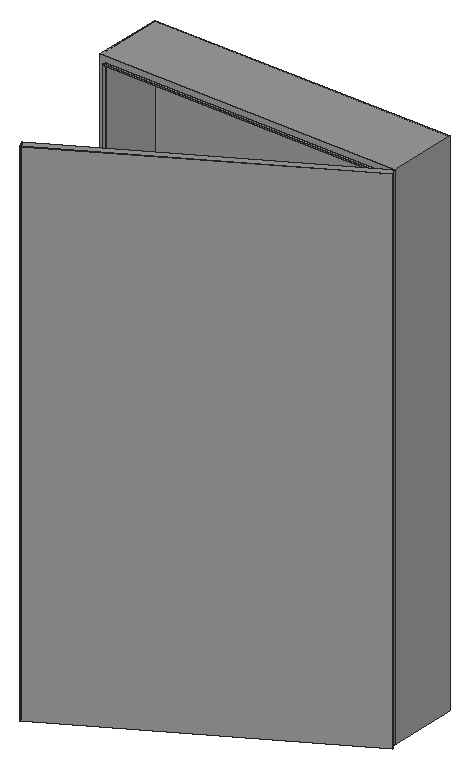
Revit family "Hager-Univers-IP54-D205-H1400-Cl.I-Encl-NoHosted-CH-it", category Electrical Equipment, Revit 2020
Family settings
  Panel Configuration = Two Columns, Circuits Across
  Round Connector Dimension = Use Diameter
  Part Type = Panelboard
  Work Plane-Based = Yes
  Always vertical = Yes
  Cut with Voids When Loaded = No
  Shared = No
  Room Calculation Point = No
Parameters (values of type "A parete IP54 L800 A1400 P205  - FP93TW2")
  Width Control [instance] = if([EF000008 - Larghezza] > Min Width, [EF000008 - Larghezza], Min Width)  # 800 mm
  Type Comments = [HG000003 - Gamma]  # "Univers"
  Thickness Door [instance] = if([EF009171 - spessore materiale porta/coperchio] > 3 mm, 3 mm, [EF009171 - spessore materiale porta/coperchio])  # 1 mm
  Seal Frame Offset [instance] = 17 mm  # constant formula
  Plinth Visibility [instance] = [HG000027 - Altezza dello zoccolo] > 0 mm  # no
  Min Width [instance] = 100 mm  # constant formula
  Min Depth [instance] = (2 * [EF009170 - spessore materiale scatola]) + 1 mm  # 3 mm
  Min Height [instance] = 100 mm  # constant formula
  Internal Frame Depth [instance] = (Door System Depth * 0.5)  # 9 mm
  Panel Name [instance] = ""  # (empty or 0)
  Model = ""
  HG000027 - Altezza dello zoccolo = 0 mm
  HG000026 - A pavimento = no
  HG000024 - Altezza della sezione inferiore = 600 mm
  HG000023 - Custodia a doppia sezione = no
  HG000016 - Visibilità delle porte nella vista 3D [instance] = yes
  HG000015 - Visibilità attraverso la porta [instance] = no
  HG000014 - Porta destra [instance] = yes
  HG000013 - Porta sinistra [instance] = not([HG000014 - Porta destra])  # no
  HG000012 - Angolo di apertura della porta [instance] = 30.00°
  HG000010 - Porte asimmetriche = no
  HG000009 - Porta doppia a battente = no
  HG000006 - Ad incasso = no
  HG000004 - Codice produttore = "FP93TW2"
  HG000003 - Gamma = "Univers"
  HG000002 - Con porta = yes
  Frame Offset Bottom [instance] = 10 mm  # constant formula
  Frame Offset [instance] = 15 mm  # constant formula
  EF015940 - Coprire con rilascio di sovrapressione = no
  EF011959 - tipo di protezione (NEMA) = ""
  EF009554 - numero delle aperture per la piastra della flangia = 6
  EF009212 - esecuzione coperchio = "EV000116 - chiuso"
  EF009171 - spessore materiale porta/coperchio = 1 mm
  EF009170 - spessore materiale scatola = 1 mm
  EF008873 - corrente nominale (In) = 250 A
  EF007800 - adatto per parafulmine = no
  EF006306 - con serratura = no
  EF006244 - coperchio/porta trasparente = no
  EF005474 - grado di protezione (IP) = "EV006419 - IP54"
  EF004464 - tipo di porta = "EV002646 - singolo"
  EF004427 - numero di moduli = 324
  EF004293 - resistenza agli urti = "EV006815 - IK09"
  EF003532 - adatto per uso esterno = no
  EF002950 - Numero moduli DIN = 36
  EF001613 - Integrità del circuito = "EV000494 - senza"
  EF001596 - Attacco Lampada = "EV000179 - acciaio"
  EF001131 - profondità interna = 130 mm
  EF001088 - possibilità di applicazione = yes
  EF000437 - numero di ingressi per conduttori = 6
  EF000339 - tipo di copertura = "EV001012 - coperchio"
  EF000266 - numero di file = 9
  EF000218 - profondità di incasso = 205 mm
  EF000118 - con piastra di montaggio = no
  EF000116 - numero RAL = "9010"
  EF000049 - profondità = 205 mm
  EF000040 - Altezza = 1400 mm
  EF000008 - Larghezza = 800 mm
  EF000007 - colore = "EV000202 - bianco"
  EF000003 - Tipo di montaggio = "EV000384 - A parete"
  Door System Leaf Tolerance [instance] = 1.5 mm  # constant formula
  Door System Depth [instance] = 18 mm  # constant formula
  Door Height [instance] = Height Control - [HG000027 - Altezza dello zoccolo]  # 1400 mm
  Description = ""
  Default Elevation = 1219.2 mm
  Connector Offset [instance] = Height Control / 2  # 700 mm
  Manufacturer = "Hager"  # constant formula
  Height Control [instance] = if([EF000040 - Altezza] > Min Height, [EF000040 - Altezza], Min Height)  # 1400 mm
  Depth Control [instance] = if([EF000049 - profondità] > Min Depth, [EF000049 - profondità], Min Depth)  # 205 mm
  Bottom Top Plate Trim [instance] = 1.5 mm  # constant formula
  Plinth height Ctrl [instance] = if([HG000027 - Altezza dello zoccolo] > 0 mm, [HG000027 - Altezza dello zoccolo], 12 mm)  # 12 mm
Types (5, lengths in mm): name | Width Control | HG000009 - Porta doppia a battente | HG000004 - Codice produttore | EF009554 - numero delle aperture per la piastra della flangia | EF004464 - tipo di porta | EF004427 - numero di moduli | EF002950 - Numero moduli DIN | EF000437 - numero di ingressi per conduttori | EF000008 - Larghezza
  A parete IP54 L1050 A1400 P205  - FP94TW2 | 1050 | no | "FP94TW2" | 8 | "EV003602 - doppio" | 432 | 48 | 8 | 1050
  A parete IP54 L1300 A1400 P205  - FP95TW2 | 1300 | yes | "FP95TW2" | 10 | "EV003602 - doppio" | 540 | 60 | 10 | 1300
  A parete IP54 L300 A1400 P205  - FP91TW2 | 300 | no | "FP91TW2" | 2 | "EV002646 - singolo" | 108 | 12 | 2 | 300
  A parete IP54 L550 A1400 P205  - FP92TW2 | 550 | no | "FP92TW2" | 4 | "EV002646 - singolo" | 216 | 24 | 4 | 550
  A parete IP54 L800 A1400 P205  - FP93TW2 | 800 | no | "FP93TW2" | 6 | "EV002646 - singolo" | 324 | 36 | 6 | 800
Reference planes
  plane 1 "Center (Front/Back)": y = 0
  plane 2: z = 0
  plane 3 "Center (Left/Right)": x = 0
  plane 4: y = 0
  plane 5: y = 0
  plane 6: z = 0
  plane 7: x = -400
  plane 8: x = 400
  plane 9: x = 399
  plane 10: x = -399
  plane 11: z = 0
  plane 12: z = 1
  plane 13: y = -205
  plane 14: y = -1
  plane 15: x = 0
  plane 16: y = -187
  plane 17: y = -204
  plane 18: y = -186
  plane 19: x = -384
  plane 20: x = 384
  plane 21: z = 11
  plane 22: x = -383
  plane 23: x = 383
  plane 24: z = 0
  plane 25: z = 1400
  plane 26: z = 1400
  plane 27: z = 1384
  plane 28: z = 1399
Forms (mm)
  Extrusion 1, solid, material "Hager_Steel_RAL7035_Light_Grey", detail levels medium+fine
    sketch origin (-208.679, -4572, 0) x (-1, 0, 0) y (0, -1, 0)
      loop
        line (191.321, -4385) -> (-608.679, -4385) -> (-608.679, -4572) -> (191.321, -4572) -> (191.321, -4385)
    from 0 to 1400
  Extrusion 2, void
    sketch origin (-350.771, -205, 1219.2) x (1, 0, 0) y (0, 0, 1)
      loop
        line (-48.229, 179.8) -> (-48.229, -1218.2) -> (749.771, -1218.2) -> (749.771, 179.8) -> (-48.229, 179.8)
    from -19 to -204
  Extrusion 3, void
    sketch origin (-290.084, -187, 1219.2) x (1, 0, 0) y (0, 0, 1)
      loop
        line (-93.916, -1208.2) -> (674.084, -1208.2) -> (674.084, 164.8) -> (-93.916, 164.8) -> (-93.916, -1208.2)
    from 0 to -1
  Extrusion 4, solid, material "Hager_Steel_RAL7035_Light_Grey", visible <- "Plinth Visibility", detail levels medium+fine
    sketch origin (0, 0, 0) x (1, 0, 0) y (0, 1, 0)
      loop
        line (-400, 0) -> (-400, -187) -> (400, -187) -> (400, 0) -> (-400, 0)
    from 0 to 12 <- "Plinth height Ctrl"
  Extrusion 5, solid, material "Hager_Steel_RAL7035_Light_Grey", detail levels coarse
    sketch origin (0, 0, 0) x (1, 0, 0) y (0, 1, 0)
      loop
        line (-400, 0) -> (-400, -205) -> (400, -205) -> (400, 0) -> (-400, 0)
    from 0 to 1400 <- "Height Control"
  Sweep 6, void
    path in 3D
      loop
        line (-400, -187, 12) -> (400, -187, 12) -> (400, 0, 12) -> (-400, 0, 12) -> (-400, -187, 12)
    profile origin (-400, -93.5, 12) x (1, 0, 0) y (0, 0, 1)
      loop
        line (0, 0) -> (0, -1.5) -> (1.5, -1.5)
        arc (1.5, -1.5) -> (1.061, -0.439) -> (0, 0) r 1.5
  Extrusion 7, solid, material "Hager_Steel_RAL7035_Light_Grey", detail levels fine
    sketch origin (-400, -187, 0) x (1, 0, 0) y (0, 0, 1)
      loop
        line (16, 11) -> (784, 11) -> (784, 1384) -> (16, 1384) -> (16, 11)
      loop
        line (15, 10) -> (785, 10) -> (785, 1385) -> (15, 1385) -> (15, 10)
    from 0 to 9 <- "Internal Frame Depth"
Cuts and joins
  Extrusion 2, Extrusion 3 cuts Extrusion 1
  Sweep 6 cuts Extrusion 4
Lines and regions (mm)
  Masking region 1
    outline origin (0, 0, 0) x (1, 0, 0) y (0, 1, 0)
      loop
        line (-400, 0) -> (-400, -205) -> (400, -205) -> (400, 0) -> (-400, 0)
  Masking region 2, detail levels coarse
    outline origin (-290.084, -187, 1219.2) x (-1, 0, 0) y (0, 0, 1)
      loop
        line (-690.084, -1219.2) -> (109.916, -1219.2) -> (109.916, 180.8) -> (-690.084, 180.8) -> (-690.084, -1219.2)
  Masking region 3, detail levels coarse
    outline origin (0, 0, 0) x (0, 1, 0) y (0, 0, 1)
      loop
        line (0, 0) -> (0, 1400) -> (-205, 1400) -> (-205, 0) -> (0, 0)
  Masking region 4, visible <- "Plinth Visibility", detail levels medium+fine
    outline origin (0, 0, 0) x (0, 1, 0) y (0, 0, 1)
      loop
        line (-1.5, 12) -> (-185.5, 12)
        arc (-185.5, 12) -> (-185.939, 10.939) -> (-187, 10.5) r 1.5
        line (-187, 10.5) -> (-187, 0) -> (0, 0) -> (0, 10.5)
        arc (0, 10.5) -> (-1.061, 10.939) -> (-1.5, 12) r 1.5
  Masking region 5, detail levels medium+fine
    outline origin (0, 0, 594.038) x (0, 1, 0) y (0, 0, 1)
      loop
        line (0, -594.038) -> (0, 805.962) -> (-187, 805.962) -> (-187, -594.038) -> (0, -594.038)
  Masking region 6, detail levels medium+fine
    outline origin (-359.7, -187, 1211.883) x (-1, 0, 0) y (0, 0, 1)
      loop
        line (-759.7, -1211.883) -> (40.3, -1211.883) -> (40.3, 188.117) -> (-759.7, 188.117) -> (-759.7, -1211.883)
  Masking region 7, visible <- "Plinth Visibility", detail levels medium+fine
    outline origin (-320.334, -187, 1041.368) x (-1, 0, 0) y (0, 0, 1)
      loop
        line (-720.334, -1041.368) -> (79.666, -1041.368) -> (79.666, -1030.868)
        arc (79.666, -1030.868) -> (78.606, -1030.429) -> (78.166, -1029.368) r 1.5
        line (78.166, -1029.368) -> (-718.834, -1029.368)
        arc (-718.834, -1029.368) -> (-719.273, -1030.429) -> (-720.334, -1030.868) r 1.5
        line (-720.334, -1030.868) -> (-720.334, -1041.368)
  sketch lines
    curve 1: line (-400, 0, 12) -> (-400, -187, 12)
    curve 2: line (-400, -187, 12) -> (400, -187, 12)
    curve 3: line (400, 0, 12) -> (-400, 0, 12)
    curve 4: line (400, -187, 12) -> (400, 0, 12)
Dimensions and locks
  locked: plane 1 "Center (Front/Back)" to plane 5
  "EF009170 - spessore materiale scatola": plane 7 to plane 10
  "EF009170 - spessore materiale scatola": plane 8 to plane 9
  equal spacing: plane 7, plane 3 "Center (Left/Right)", plane 8
  "Width Control": plane 7 to plane 8
  "Depth Control": plane 4 to plane 13
  "EF009170 - spessore materiale scatola": plane 4 to plane 14
  "Height Control": plane 25 to level
  "HG000027 - Altezza dello zoccolo": plane 11 to level
  "EF009170 - spessore materiale scatola": plane 12 to plane 11
  "EF009170 - spessore materiale scatola": plane 17 to plane 13
  "EF009170 - spessore materiale scatola": plane 18 to plane 16
  "Frame Offset Bottom": plane 21 to plane 12
  "Frame Offset": plane 10 to plane 19
  "Frame Offset": plane 9 to plane 20
  "Door System Depth": plane 16 to plane 13
  "Seal Frame Offset": plane 7 to plane 22
  "Seal Frame Offset": plane 8 to plane 23
  "EF009170 - spessore materiale scatola": plane 26 to plane 28
  "Frame Offset": plane 28 to plane 27
  "Connector Offset": plane 2 to connector elem
  "Bottom Top Plate Trim": profile plane to Sweep 6 sketch curve
  "Bottom Top Plate Trim": Sweep 6 sketch curve to Sweep 6 sketch curve
  "Plinth height Ctrl": Masking region 4 sketch curve to level
  "Plinth height Ctrl": Masking region 7 sketch curve to level
  "Thickness Door": Extrusion 7 sketch curve to Extrusion 7 sketch curve  (x4)
  "Bottom Top Plate Trim": radius of Sweep 6 sketch curve
  "Bottom Top Plate Trim": radius of Masking region 4 sketch curve  (x2)
  "Bottom Top Plate Trim": radius of Masking region 7 sketch curve  (x2)
  aligned and locked: Extrusion 2 sketch curve to plane 12
  aligned and locked: Extrusion 2 sketch curve to plane 9
  aligned and locked: Extrusion 2 sketch curve to plane 10
  aligned and locked: Extrusion 2 to plane 14
  aligned and locked: Extrusion 1 sketch curve to plane 4
  aligned and locked: plane 8 to Extrusion 1 sketch curve
  aligned and locked: plane 7 to Extrusion 1 sketch curve
  aligned and locked: Extrusion 2 to plane 18
  aligned and locked: Extrusion 3 sketch curve to plane 19
  aligned and locked: plane 20 to Extrusion 3 sketch curve
  aligned and locked: Extrusion 3 to Extrusion 2
  aligned and locked: Extrusion 3 sketch curve to plane 21
  aligned and locked: plane 3 "Center (Left/Right)" to nested 1
  aligned and locked: Extrusion 1 sketch curve to plane 16
  aligned and locked: Extrusion 4 sketch curve to cut or joined group of Extrusion 1, Extrusion 2, Extrusion 3
  aligned and locked: Masking region 1 sketch curve to plane 7
  aligned and locked: Masking region 1 sketch curve to plane 5
  aligned and locked: Masking region 1 sketch curve to plane 8
  aligned and locked: Masking region 2 sketch curve to level
  aligned and locked: level to Masking region 3 sketch curve
  aligned and locked: plane 1 "Center (Front/Back)" to Masking region 3 sketch curve
  aligned and locked: plane 13 to Masking region 3 sketch curve
  aligned and locked: plane 5 to Masking region 4 sketch curve
  aligned and locked: Masking region 2 sketch curve to plane 8
  aligned and locked: Masking region 2 sketch curve to plane 7
  aligned and locked: plane 7 to nested 2
  aligned and locked: nested 2 to plane 5
  aligned and locked: plane 5 to Masking region 5 sketch curve
  aligned and locked: plane 26 to Masking region 5 sketch curve
  aligned and locked: Extrusion 5 sketch curve to plane 8
  aligned and locked: Extrusion 5 sketch curve to plane 7
  aligned and locked: Extrusion 5 sketch curve to plane 5
  aligned and locked: Extrusion 3 sketch curve to plane 27
  aligned and locked: Extrusion 2 sketch curve to plane 28
  aligned and locked: Masking region 2 to plane 25
  aligned and locked: Extrusion 4 to plane 16
  aligned and locked: profile plane to Sweep 6 sketch curve
  aligned and locked: Masking region 5 sketch curve to plane 24
  aligned and locked: level to Masking region 4 sketch curve
  aligned and locked: Masking region 1 to plane 13
  aligned and locked: nested 1 to plane 16
  aligned and locked: Masking region 3 to plane 25
  aligned and locked: plane 16 to Masking region 4 sketch curve
  aligned and locked: Masking region 5 sketch curve to plane 16
  aligned and locked: plane 24 to plane 11
  aligned and locked: plane 26 to plane 25
  aligned and locked: plane 26 to cut or joined group of Extrusion 1, Extrusion 2, Extrusion 3
  aligned and locked: nested 1 to plane 24
  aligned and locked: Extrusion 1 to Extrusion 3
  aligned and locked: Masking region 6 sketch curve to plane 8
  aligned and locked: Masking region 6 sketch curve to plane 24
  aligned and locked: Masking region 6 sketch curve to plane 7
  aligned and locked: Masking region 6 sketch curve to plane 26
  aligned and locked: Masking region 7 sketch curve to plane 7
  aligned and locked: level to Masking region 7 sketch curve
  aligned and locked: Masking region 7 sketch curve to plane 8
  aligned and locked: Extrusion 7 sketch curve to cut or joined group of Extrusion 1, Extrusion 2, Extrusion 3  (x4)
Automatic sketch dimensions
  plane 19 to Extrusion 3 sketch curve = 0 mm
  Extrusion 3 sketch curve to plane 20 = 0 mm
  Extrusion 3 sketch curve to plane 21 = 0 mm
  Extrusion 4 sketch curve to plane 7 = 0 mm
  Extrusion 4 sketch curve to plane 8 = 0 mm
  Extrusion 4 sketch curve to plane 16 = 0 mm
  Masking region 1 sketch curve to plane 13 = 0 mm
  Masking region 2 sketch curve to plane 25 = 0 mm
  Masking region 3 sketch curve to plane 25 = 0 mm
  Extrusion 5 sketch curve to plane 13 = 0 mm
  profile plane to Sweep 6 sketch curve = 0 mm
Nested families
  nested 1: "EC000058_Univers_Door" at (0, -187, 0), Double <- "HG000009 - Porta doppia a battente", Transparent <- "EF006244 - coperchio/porta trasparente", Angle <- "HG000012 - Angolo di apertura della porta", Door_Right <- "HG000014 - Porta destra", Assymetrical <- "HG000010 - Porte asimmetriche", Door <- "HG000002 - Con porta", Width_Ctrl <- "Width Control", 3d_Door <- "HG000016 - Visibilità delle porte nella vista 3D", Clearance <- "HG000015 - Visibilità attraverso la porta", Door_Left <- "HG000013 - Porta sinistra", Width <- "Width Control", Door_Depth <- "Door System Depth", Leaf_Tolerance <- "Door System Leaf Tolerance", Height <- "Door Height", Lock_Visibility <- "EF006306 - con serratura", Thickness <- "Thickness Door", type "EC000058_Univers_Door", detail levels medium+fine
    with min_wh 3 mm, Width_Ctrl 800 mm, Width 800 mm, Transparent no, Thickness 1 mm, Seal_Material Hager_Rubber, Lock_Visibility no, Lock_Material Hager_Plastic_RAL9005_Jet_Black, Leaf_Width 800 mm, Leaf_Tolerance_External_Sides 0 mm, Leaf_Tolerance 1.5 mm, Leaf_Offset 0 mm, Leaf_Height 1397 mm, Leaf_2_Width 800 mm, Leaf_2_Offset 400 mm, Leaf_1_Width 800 mm, Leaf_1_Offset 400 mm, Height_Ctrl 1400 mm, Height 1400 mm, Glass_Material Hager_Glass, Double_Clearance_Ctrl no, Double no, Door_Right_Ctrl yes, Door_Right yes, Door_Material Hager_Steel_RAL7035_Light_Grey, Door_Left_Ctrl no, Door_Left no, Door_Depth 18 mm, Door yes, Clearance_Material Hager_Clearance, Clearance_Depth 800 mm, Clearance_Ctrl no, Clearance no, Assymetrical no, Angle 30.00°, 3d_Door yes
  nested 2: "Hager_Enclosure_Symbol" at (-400, 0, 0), Height <- "Depth Control", Width <- "Width Control", type "Hager_Enclosure_Symbol"
    with Width_Ctrl 800 mm, Width 800 mm, Height_Ctrl 205 mm, Height 205 mm, A_Width_Int 13.453 mm, A_Width 161.438 mm, A_Height_Ctrl 179.375 mm, A_Height 179.375 mm
Connectors
  electrical at (0, 0, 700)
    settings: on plane 1 "Center (Front/Back)", index 1, voltage 0 V, apparent load 0 VA, apparent load phase1 0 VA, apparent load phase2 0 VA, apparent load phase3 0 VA, power factor 1, load classification "Other", number of poles 1, system type 30, power factor state 1, is connector primary yes, connector utility no, sub classification motor no, connector description ""
Definition of nested family "EC000058_Univers_Door"
  Parameters (values of type "EC000058_Univers_Door")
    min_wh [instance] = (2 * Thickness) + 1 mm  # 11 mm
    Width_Ctrl [instance] = 400 mm
    Width [instance] = 500 mm
    Transparent [instance] = yes
    Thickness [instance] = 5 mm
    Seal_Material [instance] = none
    Lock_Visibility [instance] = yes
    Lock_Material [instance] = none
    Leaf_Width [instance] = if((Width_Ctrl - 2 * Leaf_Tolerance_External_Sides) > 0 mm, (Width_Ctrl - 2 * Leaf_Tolerance_External_Sides), min_wh)  # 400 mm
    Leaf_Tolerance_External_Sides [instance] = 0 mm  # constant formula
    Leaf_Tolerance [instance] = 1.5 mm
    Leaf_Offset [instance] = 0 mm  # constant formula
    Leaf_Height [instance] = if((Height_Ctrl - 2 * Leaf_Tolerance) > 0 mm, (Height_Ctrl - 2 * Leaf_Tolerance), min_wh)  # 497 mm
    Leaf_2_Width [instance] = if(and(and(Double, Assymetrical), Door_Left), (Leaf_Width / 3) - (Leaf_Tolerance / 2), if(and(and(Double, Assymetrical), Door_Right), (Leaf_Width / 3) * 2 - (Leaf_Tolerance / 2), if(and(Double, not(Assymetrical)), (Leaf_Width / 2) - Leaf_Tolerance, Leaf_Width)))  # 400 mm
    Leaf_2_Offset [instance] = if(and(Double, Assymetrical), Leaf_2_Width / 2, if(and(Double, not(Assymetrical)), Leaf_Width / 4, Leaf_Width / 2))  # 200 mm
    Leaf_1_Width [instance] = if(and(and(Double, Assymetrical), Door_Right), (Leaf_Width / 3) - (Leaf_Tolerance / 2), if(and(and(Double, Assymetrical), Door_Left), (Width / 3) * 2 - (Leaf_Tolerance / 2), if(and(Double, not(Assymetrical)), (Leaf_Width / 2) - Leaf_Tolerance, Leaf_Width)))  # 400 mm
    Leaf_1_Offset [instance] = if(and(Double, Assymetrical), Leaf_1_Width / 2, if(and(Double, not(Assymetrical)), Leaf_Width / 4, Leaf_Width / 2))  # 200 mm
    Height_Ctrl [instance] = if(Height > min_wh, Height, min_wh)  # 500 mm
    Height [instance] = 500 mm
    Glass_Material [instance] = none
    Double_Clearance_Ctrl [instance] = and(Double, Clearance)  # no
    Double [instance] = no
    Door_Right_Ctrl [instance] = and(or(Door_Right, Double), Door)  # yes
    Door_Right [instance] = yes
    Door_Material [instance] = none
    Door_Left_Ctrl [instance] = and(or(Door_Left, Double), Door)  # no
    Door_Left [instance] = no
    Door_Depth [instance] = 30 mm
    Door [instance] = yes
    Default Elevation = 1219.2 mm
    Clearance_Material [instance] = none
    Clearance_Depth [instance] = if(Leaf_1_Width > Leaf_2_Width, Leaf_1_Width, Leaf_2_Width)  # 400 mm
    Clearance_Ctrl [instance] = and(not(Double), Clearance)  # yes
    Clearance [instance] = yes
    Assymetrical [instance] = yes
    Angle [instance] = 30.00°
    3d_Door [instance] = yes
  Reference planes
    plane 1 "Center (Front/Back)": y = 0
    plane 2 "Bottom": z = 0
    plane 3 "Center (Left/Right)": x = 0
    plane 4: z = 500
    plane 5: x = -200
    plane 6: x = 200
    plane 7: z = 500
    plane 8: x = -200
    plane 9: z = 0
    plane 10: x = 200
    plane 11: y = 0
    plane 12: z = 1.5
    plane 13: x = -600
    plane 14: y = -400
    plane 15: x = 600
    plane 16: x = 0
    plane 17: x = 0
    plane 18: x = -200
    plane 19: x = 200
    plane 20: z = 498.5
  Forms (mm)
    Extrusion 1, solid, material <- "Clearance_Material", visible <- "Double_Clearance_Ctrl"
      sketch origin (1200, 0, 0) x (1, 0, 0) y (0, 0, -1)
        loop
          line (-1800, -498.5) -> (-600, -498.5) -> (-600, 0) -> (-1800, 0) -> (-1800, -498.5)
      from 0 to -400
  Dimensions and locks
    equal spacing: plane 5, plane 3 "Center (Left/Right)", plane 6
    "Width_Ctrl": plane 5 to plane 6
    "Leaf_Offset": plane 5 to plane 8
    "Leaf_Offset": plane 6 to plane 10
    "Leaf_Offset": plane 9 to level
    "Leaf_Offset": plane 4 to plane 7
    "Height_Ctrl": plane 4 to level
    "Leaf_Tolerance": plane 12 to plane 9
    locked: plane 11 to plane 1 "Center (Front/Back)"
    "Leaf_1_Offset": plane 18 to plane 16
    "Leaf_2_Offset": plane 17 to plane 19
    "Leaf_1_Width": plane 13 to plane 8
    "Leaf_2_Width": plane 10 to plane 15
    "Clearance_Depth": plane 14 to plane 1 "Center (Front/Back)"
    "Leaf_Tolerance_External_Sides": plane 8 to plane 18
    "Leaf_Tolerance_External_Sides": plane 19 to plane 10
    "Leaf_Tolerance": plane 7 to plane 20
    aligned and locked: level to plane 2 "Bottom"
    aligned and locked: nested 1 to plane 16
    aligned and locked: nested 2 to plane 17
    aligned and locked: Extrusion 1 to plane 13
    aligned and locked: plane 15 to Extrusion 1
    aligned and locked: Extrusion 1 to plane 14
    aligned and locked: plane 12 to nested 1
    aligned and locked: nested 2 to plane 12
    aligned and locked: Extrusion 1 to plane 11
    aligned and locked: plane 20 to Extrusion 1
    aligned and locked: nested 2 to plane 11
    aligned and locked: nested 1 to plane 11
  Automatic sketch dimensions
    Extrusion 1 sketch curve to level = 0 mm
    plane 5 to Extrusion 1 sketch curve = 400 mm
    plane 6 to Extrusion 1 sketch curve = 400 mm
    Extrusion 1 sketch curve to plane 4 = 1.5 mm
  Nested families
    nested 1: "EC000058_Univers_Door_Leaf" at (0, 0, 1.5), Width <- "Leaf_1_Width", visible <- "Door_Left_Ctrl", Leaf_Height <- "Leaf_Height", Angle <- "Angle", 3d_Door <- "3d_Door", Transparent <- "Transparent", Clearance Material <- "Clearance_Material", Clearance <- "Clearance_Ctrl", Door_Material <- "Door_Material", Glass_Material <- "Glass_Material", Door_Depth <- "Door_Depth", Lock_Material <- "Lock_Material", Seal_Material <- "Seal_Material", Lock_Visibility <- "Lock_Visibility", Thickness <- "Thickness", type "EC000058_Univers_Door_Leaf"
      with Width 400 mm, Transparent_Glass_Offset 30 mm, Transparent_Ctrl yes, Transparent yes, Thickness 5 mm, Standard no, Seal_Material none, Seal_D2 8 mm, Seal_D1 1 mm, Offset_Internal_Frame 10 mm, Lock_Width 20 mm, Lock_Visibility_3d yes, Lock_Visibility yes, Lock_Thickness_3 3 mm, Lock_Thickness_2 1 mm, Lock_Thickness_1 3 mm, Lock_Radius_Offset_2 16 mm, Lock_Radius_Offset_1 15 mm, Lock_Radius_2 5 mm, Lock_Radius 6 mm, Lock_Offset 5 mm, Lock_Material none, Lock_Height 80 mm, Lock_Cover_Top_Offset_2d 17 mm, Lock_Cover_Height -65 mm, Leaf_Height 497 mm, Internal_Seal_Thickness 8 mm, Internal_Seal_Depth_2 4.5 mm, Internal_Frame_Depth 25 mm, Glass_Thickness -1 mm, Glass_Offset -2 mm, Glass_Material none, Door_Material none, Door_Depth 30 mm, Clearance Material none, Clearance yes, Angle_Ctrl 30.00°, Angle 30.00°, 3d_Door yes
    nested 2: "EC000058_Univers_Door_Leaf" at (0, 0, 1.5) x (-1, 0, 0) z (0, 0, 1), Width <- "Leaf_2_Width", visible <- "Door_Right_Ctrl", Leaf_Height <- "Leaf_Height", Angle <- "Angle", 3d_Door <- "3d_Door", Transparent <- "Transparent", Clearance Material <- "Clearance_Material", Clearance <- "Clearance_Ctrl", Door_Material <- "Door_Material", Glass_Material <- "Glass_Material", Door_Depth <- "Door_Depth", Lock_Material <- "Lock_Material", Seal_Material <- "Seal_Material", Lock_Visibility <- "Lock_Visibility", Thickness <- "Thickness", type "EC000058_Univers_Door_Leaf"
      with Width 400 mm, Transparent_Glass_Offset 30 mm, Transparent_Ctrl yes, Transparent yes, Thickness 5 mm, Standard no, Seal_Material none, Seal_D2 8 mm, Seal_D1 1 mm, Offset_Internal_Frame 10 mm, Lock_Width 20 mm, Lock_Visibility_3d yes, Lock_Visibility yes, Lock_Thickness_3 3 mm, Lock_Thickness_2 1 mm, Lock_Thickness_1 3 mm, Lock_Radius_Offset_2 16 mm, Lock_Radius_Offset_1 15 mm, Lock_Radius_2 5 mm, Lock_Radius 6 mm, Lock_Offset 5 mm, Lock_Material none, Lock_Height 80 mm, Lock_Cover_Top_Offset_2d 17 mm, Lock_Cover_Height -65 mm, Leaf_Height 497 mm, Internal_Seal_Thickness 8 mm, Internal_Seal_Depth_2 4.5 mm, Internal_Frame_Depth 25 mm, Glass_Thickness -1 mm, Glass_Offset -2 mm, Glass_Material none, Door_Material none, Door_Depth 30 mm, Clearance Material none, Clearance yes, Angle_Ctrl 30.00°, Angle 30.00°, 3d_Door yes
  Definition of nested family "EC000058_Univers_Door_Leaf"
    Parameters (values of type "EC000058_Univers_Door_Leaf")
      Width [instance] = 2000 mm
      Transparent_Glass_Offset [instance] = 30 mm
      Transparent_Ctrl [instance] = and(Transparent, [3d_Door])  # yes
      Transparent [instance] = yes
      Thickness [instance] = 5 mm
      Standard [instance] = and(not(Transparent), [3d_Door])  # no
      Seal_Material [instance] = none
      Seal_D2 [instance] = 8 mm  # constant formula
      Seal_D1 [instance] = 1 mm  # constant formula
      Offset_Internal_Frame [instance] = 10 mm  # constant formula
      Lock_Width [instance] = 20 mm  # constant formula
      Lock_Visibility_3d [instance] = and(Lock_Visibility, [3d_Door])  # yes
      Lock_Visibility [instance] = yes
      Lock_Thickness_3 [instance] = 3 mm  # constant formula
      Lock_Thickness_2 [instance] = 1 mm  # constant formula
      Lock_Thickness_1 [instance] = 3 mm  # constant formula
      Lock_Radius_Offset_2 [instance] = Lock_Radius_Offset_1 + 1 mm  # 16 mm
      Lock_Radius_Offset_1 [instance] = 15 mm  # constant formula
      Lock_Radius_2 [instance] = Lock_Radius - 1 mm  # 5 mm
      Lock_Radius [instance] = 6 mm  # constant formula
      Lock_Offset [instance] = 5 mm  # constant formula
      Lock_Material [instance] = none
      Lock_Height [instance] = 80 mm  # constant formula
      Lock_Cover_Top_Offset_2d [instance] = Lock_Radius_Offset_2 + 1 mm  # 17 mm
      Lock_Cover_Height [instance] = -(Lock_Height - Lock_Radius_Offset_1)  # -65 mm
      Leaf_Height [instance] = 2720.336 mm
      Internal_Seal_Thickness [instance] = 8 mm  # constant formula
      Internal_Seal_Depth_2 [instance] = 4.5 mm  # constant formula
      Internal_Frame_Depth [instance] = if(Door_Depth - Thickness > 5 mm, Door_Depth - Thickness, 5 mm)  # 25 mm
      Glass_Thickness [instance] = if(Thickness > 15 mm, Glass_Offset + 10 mm, -1 mm)  # -1 mm
      Glass_Offset [instance] = if(Thickness > 15 mm, -(Thickness + 10 mm) / 2, -2 mm)  # -2 mm
      Glass_Material [instance] = none
      Door_Material [instance] = none
      Door_Depth [instance] = 30 mm
      Default Elevation = 0 mm
      Clearance Material [instance] = none
      Clearance [instance] = yes
      Angle_Ctrl [instance] = if(Angle > 180.00°, 180.00°, Angle)  # 90.00°
      Angle [instance] = 90.00°
      3d_Door [instance] = yes
    Reference planes
      plane 1 "Center (Front/Back)": y = 0
      plane 2: z = 0
      plane 3 "Center (Left/Right)": x = 0
      plane 4: y = 2000
      plane 5: x = -1000
      plane 6: x = 1000
      plane 7: x = -3000
      plane 8: z = 2720.336
      plane 9: z = 30
      plane 10: z = 2690.336
      plane 11: x = 970
      plane 12: x = -970
      plane 13: y = -3
      plane 14: z = 107.833
      plane 15: y = -5
      plane 16: y = -223.314
      plane 17: x = -1000
      plane 18: z = 1360.168
      plane 19: y = 30
    Forms (mm)
      Extrusion 1, solid, material <- "Clearance Material", visible <- "Clearance"
        sketch origin (0, 0, 0) x (1, 0, 0) y (0, 0, 1)
          loop
            line (-3000, 2720.336) -> (-3000, 0) -> (1000, 0) -> (1000, 2720.336) -> (-3000, 2720.336)
        from 0 to -2000
      Extrusion 2, solid, material <- "Door_Material", visible <- "Standard", detail levels medium+fine
        sketch origin (-1000, 0, 0) x (0, 1, 0) y (-1, 0, 0)
          loop
            line (0, 30) -> (0, 25) -> (2000, 25) -> (2000, 30) -> (0, 30)
        from 0 to 2720.336 <- "Leaf_Height"
      Extrusion 3, solid, material <- "Door_Material", visible <- "Transparent_Ctrl", detail levels medium+fine
        sketch origin (-1000, 0, 0) x (0, 1, 0) y (-1, 0, 0)
          loop
            line (0, 25) -> (2000, 25) -> (2000, 30) -> (0, 30) -> (0, 25)
        from 0 to 2720.336 <- "Leaf_Height"
      Extrusion 4, void
        sketch origin (-1025, 2000, 0) x (0, 1, 0) y (0, 0, -1)
          loop
            line (-30, -2690.336) -> (-30, -30) -> (-1970, -30) -> (-1970, -2690.336) -> (-30, -2690.336)
        from 0 to 5 <- "Thickness"
      Sweep 5, solid, material <- "Seal_Material", visible <- "Transparent_Ctrl", detail levels fine
        path in 3D
          loop
            line (-1025, 30, 30) -> (-1025, 30, 2690.336) -> (-1025, 1970, 2690.336) -> (-1025, 1970, 30) -> (-1025, 30, 30)
        profile origin (-1025, 1000, 30) x (1, 0, 0) y (0, 0, 1)
          loop
            line (0, 0) -> (0, -8) -> (1, -8) -> (1, 0) -> (0, 0)
      Extrusion 6, solid, material <- "Glass_Material", visible <- "Transparent_Ctrl", detail levels medium+fine
        sketch origin (-1030, 0, 0) x (0, 1, 0) y (0, 0, -1)
          loop
            line (1970, -2690.336) -> (1970, -30) -> (30, -30) -> (30, -2690.336) -> (1970, -2690.336)
        from -2 <- "Glass_Offset" to -1 <- "Glass_Thickness"
      Extrusion 7, solid, material <- "Door_Material", visible <- "3d_Door", detail levels medium+fine
        sketch origin (-1025, 2000, 0) x (0, -1, 0) y (0, 0, -1)
          loop
            line (0, -2720.336) -> (2000, -2720.336) -> (2000, 0) -> (0, 0) -> (0, -2720.336)
          loop
            line (1995, -5) -> (5, -5) -> (5, -2715.336) -> (1995, -2715.336) -> (1995, -5)
        from 0 to 25 <- "Internal_Frame_Depth"
      Sweep 8, solid, material <- "Seal_Material", visible <- "Transparent_Ctrl", detail levels fine
        path in 3D
          loop
            line (-1025, 0, 0) -> (-1025, 2000, 0) -> (-1025, 2000, 2720.336) -> (-1025, 0, 2720.336) -> (-1025, 0, 0)
        profile origin (-1025, 0, 1360.168) x (1, 0, 0) y (0, 1, 0)
          loop
            line (0, 10) -> (2.975, 10)
            arc (2.975, 10) -> (4.053, 10.447) -> (4.5, 11.525) r 1.525
            line (4.5, 11.525) -> (4.5, 16.527)
            arc (4.5, 16.527) -> (4.069, 17.569) -> (3.027, 18) r 1.473
            line (3.027, 18) -> (0, 18) -> (0, 10)
      Extrusion 9, solid, material <- "Lock_Material", visible <- "Lock_Visibility_3d", detail levels fine
        sketch origin (-1030, 0, 0) x (0, 1, 0) y (0, 0, -1)
          loop
            arc (1993.5, -1400.168) -> (1994.561, -1399.729) -> (1995, -1398.668) r 1.5
            line (1995, -1398.668) -> (1995, -1320.168) -> (1975, -1320.168) -> (1975, -1398.668)
            arc (1975, -1398.668) -> (1975.439, -1399.729) -> (1976.5, -1400.168) r 1.5
            line (1976.5, -1400.168) -> (1993.5, -1400.168)
        from 3 <- "Lock_Thickness_1" to 0
      Blend 10, solid, material <- "Lock_Material", visible <- "Lock_Visibility_3d", detail levels fine
        base sketch origin (-1033, 0, 0) x (0, 1, 0) y (0, 0, -1)
          loop
            line (1975, -1320.168) -> (1975, -1398.668)
            arc (1975, -1398.668) -> (1975.439, -1399.729) -> (1976.5, -1400.168) r 1.5
            line (1976.5, -1400.168) -> (1993.5, -1400.168)
            arc (1993.5, -1400.168) -> (1994.561, -1399.729) -> (1995, -1398.668) r 1.5
            line (1995, -1398.668) -> (1995, -1320.168) -> (1975, -1320.168)
        top sketch origin (-1033, 0, 0) x (0, 1, 0) y (0, 0, -1)
          loop
            line (1976, -1320.168) -> (1976, -1398.668)
            arc (1976, -1398.668) -> (1976.146, -1399.022) -> (1976.5, -1399.168) r 0.5
            line (1976.5, -1399.168) -> (1993.5, -1399.168)
            arc (1993.5, -1399.168) -> (1993.854, -1399.022) -> (1994, -1398.668) r 0.5
            line (1994, -1398.668) -> (1994, -1320.168) -> (1976, -1320.168)
        from 0 to 1 <- "Lock_Thickness_2"
      Blend 11, solid, material <- "Lock_Material", visible <- "Lock_Visibility_3d", detail levels fine
        base sketch origin (-1034, 0, 0) x (0, 1, 0) y (0, 0, -1)
          loop
            line (1978, -1320.168) -> (1978, -1384.168)
            arc (1978, -1384.168) -> (1985, -1391.168) -> (1992, -1384.168) r 7
            line (1992, -1384.168) -> (1992, -1320.168) -> (1978, -1320.168)
        top sketch origin (-1034, 0, 0) x (0, 1, 0) y (0, 0, -1)
          loop
            line (1991, -1320.168) -> (1979, -1320.168) -> (1979, -1383.168)
            arc (1979, -1383.168) -> (1985, -1389.168) -> (1991, -1383.168) r 6
            line (1991, -1383.168) -> (1991, -1320.168)
        from 0 to 3 <- "Lock_Thickness_3"
      Extrusion 12, solid, material <- "Lock_Material", visible <- "Lock_Visibility_3d", detail levels fine
        sketch origin (-1030, 1975, 1320.168) x (1, 0, 0) y (0, -1, 0)
          loop
            line (-7, -19) -> (-7, -1) -> (0, -1) -> (0, 0) -> (-8, 0) -> (-8, -20) -> (0, -20) -> (0, -19) -> (-7, -19)
        from 0 to -65 <- "Lock_Cover_Height"
      Extrusion 13, void
        sketch origin (-1038, 1995, 1320.168) x (-1, 0, 0) y (0, 0, -1)
          loop
            line (-5, -65) -> (0, -65) -> (-5, -60) -> (-5, -65)
        from 0 to 20 <- "Lock_Width"
      Extrusion 14, void
        sketch origin (-1038, 1975, 1320.168) x (0, -1, 0) y (0, 0, -1)
          loop
            circle (-10, -15.995) r 6
          loop
            circle (-10, -15.995) r 5
        from 0 to 2
      Extrusion 15, solid, material <- "Lock_Material", visible <- "Lock_Visibility_3d", detail levels medium
        sketch origin (-1030, 0, 0) x (0, 1, 0) y (0, 0, -1)
          loop
            arc (1993.5, -1400.168) -> (1994.561, -1399.729) -> (1995, -1398.668) r 1.5
            line (1995, -1398.668) -> (1995, -1320.168) -> (1975, -1320.168) -> (1975, -1398.668)
            arc (1975, -1398.668) -> (1975.439, -1399.729) -> (1976.5, -1400.168) r 1.5
            line (1976.5, -1400.168) -> (1993.5, -1400.168)
        from 8 to 0
    Cuts and joins
      Extrusion 4 cuts Extrusion 3
      Extrusion 13, Extrusion 14 cuts Extrusion 9
      Extrusion 14 cuts Blend 11
      Extrusion 13, Extrusion 14 cuts Extrusion 12
      joined: Extrusion 9, Blend 10, Blend 11, Extrusion 12
      Extrusion 14 cuts Extrusion 15
    Lines and regions (mm)
      Masking region 1, visible <- "Lock_Visibility", detail levels fine
        outline origin (0, 0, 0) x (0, 1, 0) y (0, 0, 1)
          loop
            line (30, 1320.168) -> (33, 1320.168) -> (33, 1400.168) -> (30, 1400.168) -> (30, 1320.168)
      Masking region 2, visible <- "Lock_Visibility", detail levels fine
        outline origin (0, 3.143, 0) x (0, 1, 0) y (0, 0, 1)
          loop
            line (29.857, 1354.168) -> (30.857, 1354.168) -> (30.857, 1366.168) -> (29.857, 1366.168) -> (29.857, 1354.168)
      Masking region 3, detail levels medium+fine
        outline origin (0, 0, 0) x (0, 1, 0) y (0, 0, 1)
          loop
            line (0, 0) -> (30, 0) -> (30, 2720.336) -> (0, 2720.336) -> (0, 0)
      Masking region 4, detail levels medium+fine
        outline origin (0, 0, 0) x (1, 0, 0) y (0, 0, 1)
          loop
            line (-1000, 2720.336) -> (-1000, 0) -> (1000, 0) -> (1000, 2720.336) -> (-1000, 2720.336)
      Masking region 5, visible <- "Lock_Visibility", detail levels fine
        outline origin (-47.116, 0, 0) x (1, 0, 0) y (0, 0, 1)
          loop
            arc (1024.616, 1399.168) -> (1023.556, 1398.729) -> (1023.116, 1397.668) r 1.5
            line (1023.116, 1397.668) -> (1023.116, 1320.168) -> (1041.116, 1320.168) -> (1041.116, 1397.668)
            arc (1041.116, 1397.668) -> (1040.677, 1398.729) -> (1039.616, 1399.168) r 1.5
            line (1039.616, 1399.168) -> (1024.616, 1399.168)
      Masking region 6, visible <- "Lock_Visibility", detail levels medium+fine
        outline origin (-25, 0, 0) x (1, 0, 0) y (0, 0, 1)
          loop
            arc (1001.5, 1400.168) -> (1000.439, 1399.729) -> (1000, 1398.668) r 1.5
            line (1000, 1398.668) -> (1000, 1320.168) -> (1020, 1320.168) -> (1020, 1398.668)
            arc (1020, 1398.668) -> (1019.561, 1399.729) -> (1018.5, 1400.168) r 1.5
            line (1018.5, 1400.168) -> (1001.5, 1400.168)
      Masking region 7, visible <- "Lock_Visibility", detail levels fine
        outline origin (-73.735, 0, 0) x (1, 0, 0) y (0, 0, 1)
          loop
            line (1051.735, 1382.168) -> (1065.735, 1382.168) -> (1065.735, 1384.168)
            arc (1065.735, 1384.168) -> (1058.735, 1391.168) -> (1051.735, 1384.168) r 7
            line (1051.735, 1384.168) -> (1051.735, 1382.168)
      Masking region 8, visible <- "Lock_Visibility", detail levels fine
        outline origin (-73.735, 0, 0) x (1, 0, 0) y (0, 0, 1)
          loop
            line (1052.735, 1382.168) -> (1064.735, 1382.168) -> (1064.735, 1383.168)
            arc (1064.735, 1383.168) -> (1058.735, 1389.168) -> (1052.735, 1383.168) r 6
            line (1052.735, 1383.168) -> (1052.735, 1382.168)
      Masking region 9, visible <- "Lock_Visibility", detail levels fine
        outline origin (-25, 0, 0) x (1, 0, 0) y (0, 0, 1)
          loop
            line (1020, 1320.168) -> (1020, 1382.168) -> (1000, 1382.168) -> (1000, 1320.168) -> (1020, 1320.168)
      Masking region 10, detail levels medium+fine
        outline origin (0, 0, 0) x (1, 0, 0) y (0, 0, 1)
          loop
            circle (985, 1335.144) r 6
      Masking region 11, detail levels fine
        outline origin (0, 0, 0) x (1, 0, 0) y (0, 0, 1)
          loop
            circle (985, 1335.144) r 5
      Masking region 12, visible <- "Lock_Visibility", detail levels fine
        outline origin (0, 12.767, 0) x (0, 1, 0) y (0, 0, 1)
          loop
            line (20.233, 1320.168) -> (21.233, 1320.168) -> (21.233, 1399.168) -> (20.233, 1400.168) -> (20.233, 1320.168)
      Masking region 13, visible <- "Lock_Visibility", detail levels fine
        outline origin (0, 13.767, -10) x (0, 1, 0) y (0, 0, 1)
          loop
            line (20.233, 1330.168) -> (23.233, 1330.168) -> (23.233, 1399.168) -> (20.233, 1402.168) -> (20.233, 1330.168)
      Masking region 14, visible <- "Lock_Visibility", detail levels fine
        outline origin (0, 12.767, -10) x (0, 1, 0) y (0, 0, 1)
          loop
            line (20.233, 1330.168) -> (25.233, 1330.168) -> (25.233, 1399.305) -> (20.233, 1394.305) -> (20.233, 1330.168)
      Masking region 15, visible <- "Lock_Visibility", detail levels medium
        outline origin (0, 0, 0) x (0, 1, 0) y (0, 0, 1)
          loop
            line (30, 1320.168) -> (38, 1320.168) -> (38, 1400.168) -> (30, 1400.168) -> (30, 1320.168)
      Masking region 16, visible <- "Lock_Visibility", detail levels fine
        outline origin (-1000, 0, 0) x (0, 1, 0) y (-1, 0, 0)
          loop
            line (1975, 30) -> (1995, 30) -> (1995, 38) -> (1975, 38) -> (1975, 30)
          loop
            line (1979, 37) -> (1976, 37) -> (1976, 34) -> (1978, 34) -> (1979, 37)
          loop
            line (1994, 37) -> (1991, 37) -> (1992, 34) -> (1994, 34) -> (1994, 37)
      Masking region 17, visible <- "Lock_Visibility", detail levels medium
        outline origin (-1000, 0, 0) x (0, 1, 0) y (-1, 0, 0)
          loop
            line (1975, 30) -> (1995, 30) -> (1995, 38) -> (1975, 38) -> (1975, 30)
      symbolic lines
        curve 1: line (1000, 0, 0) -> (-3000, 0, 0)
        curve 2: arc (1000, 0, 0) -> (-1000, 2000, 0) -> (-3000, 0, 0) r 2000
        curve 4: line (-1030, 0, 0) -> (-1030, 2000, 0)
      reference lines
        curve 3: line (-1000, 0, 0) -> (-1000, 2000, 0)
      symbolic lines, detail levels medium+fine
        curve 5: line (-1030, 2000, 0) -> (-1025, 2000, 0)
        curve 7: line (-1025, 0, 0) -> (-1030, 0, 0)
        curve 8: line (-1025, 0, 0) -> (-1000, 0, 0)
        curve 9: line (-1000, 0, 0) -> (-1000, 2000, 0)
        curve 10: line (-1000, 2000, 0) -> (-1025, 2000, 0)
      symbolic lines, detail levels fine
        curve 6: line (-1025, 2000, 0) -> (-1025, 0, 0)
      sketch lines
        curve 11: line (-1025, 0, 2720.336) -> (-1025, 0, 0)
        curve 12: line (-1025, 2000, 0) -> (-1025, 0, 0)
        curve 13: line (-1025, 2000, 2720.336) -> (-1025, 2000, 0)
        curve 14: line (-1025, 0, 2720.336) -> (-1025, 2000, 2720.336)
        curve 15: line (-1025, 1970, 30) -> (-1025, 30, 30)
        curve 16: line (-1025, 30, 30) -> (-1025, 30, 2690.336)
        curve 17: line (-1025, 1970, 2690.336) -> (-1025, 1970, 30)
        curve 18: line (-1025, 30, 2690.336) -> (-1025, 1970, 2690.336)
      symbolic lines, visible <- "Transparent", detail levels medium+fine
        curve 19: line (-970, 0, 2690.336) -> (970, 0, 2690.336)
        curve 20: line (-970, 0, 30) -> (-970, 0, 2690.336)
        curve 21: line (970, 0, 30) -> (-970, 0, 30)
        curve 22: line (970, 0, 2690.336) -> (970, 0, 30)
    Dimensions and locks
      "Width": plane 1 "Center (Front/Back)" to plane 4
      equal spacing: plane 5, plane 3 "Center (Left/Right)", plane 6
      "Width": plane 5 to plane 6
      "Width": plane 7 to plane 5
      "Leaf_Height": plane 8 to level
      "Width": curve 5 to curve 3
      "Width": curve 3 to curve 3
      plane 8 to plane 10 = 30 mm
      plane 9 to level = 30 mm
      plane 12 to plane 5 = 30 mm
      plane 6 to plane 11 = 30 mm
      Extrusion 1 to Extrusion 4 sketch curve = 30 mm
      "Transparent_Glass_Offset": curve 3 to Extrusion 4 sketch curve
      "Transparent_Glass_Offset": Extrusion 4 sketch curve to cut or joined group of Extrusion 3, Extrusion 4  (x2)
      cut or joined group of Extrusion 3, Extrusion 4 to Extrusion 6 sketch curve = 30 mm
      "Transparent_Glass_Offset": cut or joined group of Extrusion 3, Extrusion 4 to Extrusion 4 sketch curve
      "Thickness": curve 6 to curve 4
      "Thickness": Extrusion 7 sketch curve to Extrusion 7 sketch curve  (x4)
      "Door_Depth": curve 4 to curve 3
      "Offset_Internal_Frame": profile plane to Sweep 8 sketch curve
      "Internal_Seal_Thickness": Sweep 8 sketch curve to Sweep 8 sketch curve
      "Internal_Seal_Depth_2": profile plane to Sweep 8 sketch curve
      "Seal_D1": profile plane to Sweep 5 sketch curve
      "Seal_D2": profile plane to Sweep 5 sketch curve
      "Thickness": Extrusion 2 sketch curve to Extrusion 2 sketch curve
      equal spacing: Extrusion 9 sketch curve, plane 18, Extrusion 9 sketch curve  (x2)
      equal spacing: Masking region 1 sketch curve, plane 18, Masking region 1 sketch curve
      "Lock_Height": Masking region 1 sketch curve to Masking region 1 sketch curve
      "Lock_Radius": Masking region 2 sketch curve to plane 18 to Masking region 2 sketch curve
      Masking region 2 sketch curve to Masking region 1 = 1 mm
      "Door_Depth": plane 19 to plane 1 "Center (Front/Back)"
      "Lock_Thickness_1": Masking region 1 sketch curve to plane 19
      "Lock_Width": Extrusion 9 sketch curve to Extrusion 9 sketch curve
      "Lock_Height": Extrusion 9 sketch curve to Extrusion 9 sketch curve
      "Lock_Offset": cut or joined group of Extrusion 3, Extrusion 4 to Extrusion 9 sketch curve
      equal spacing: plane 8, plane 18, level
      "Lock_Radius_Offset_1": Blend 11 sketch curve to Blend 10
      locked: Blend 10 to Blend 11 sketch curve at 2  (x2)
      locked: var sketch to Blend 11 sketch curve at 1  (x2)
      "Lock_Radius_Offset_2": Blend 11 sketch curve to Blend 10
      locked: Extrusion 12 sketch curve to Extrusion 12 sketch curve at 1  (x3)
      Masking region 6 sketch curve to Masking region 6 sketch curve = 80 mm
      "Lock_Height": Masking region 6 sketch curve to Masking region 6 sketch curve
      "Lock_Width": Masking region 6 sketch curve to Masking region 6 sketch curve
      locked: Masking region 6 to Masking region 5 sketch curve at 1  (x3)
      locked: Masking region 5 to Masking region 7 sketch curve at 2  (x2)
      "Lock_Radius_Offset_1": Masking region 5 to Masking region 7 sketch curve
      "Lock_Radius_Offset_2": Masking region 5 to Masking region 8 sketch curve
      locked: Masking region 7 to Masking region 8 sketch curve at 1  (x2)
      "Lock_Cover_Top_Offset_2d": Masking region 5 to Masking region 9 sketch curve
      equal spacing: Masking region 9, Masking region 10 sketch curve, Masking region 9
      equal spacing: Masking region 9, Masking region 11 sketch curve, Masking region 9
      Extrusion 15 sketch curve to Extrusion 15 sketch curve = 80 mm
      "Lock_Width": Extrusion 15 sketch curve to Extrusion 15 sketch curve
      "Lock_Height": Extrusion 15 sketch curve to Extrusion 15 sketch curve
      equal spacing: Extrusion 15 sketch curve, plane 18, Extrusion 15 sketch curve
      "Lock_Thickness_3": Masking region 13 sketch curve to Masking region 13 sketch curve
      "Lock_Height": Masking region 12 sketch curve to Masking region 12 sketch curve
      locked: Masking region 13 sketch curve to Masking region 1 at 8
      locked: Masking region 14 sketch curve to Masking region 13 at 1
      locked: Masking region 14 sketch curve to Masking region 1 at 10.863
      "Lock_Height": Masking region 15 sketch curve to Masking region 15 sketch curve
      "Lock_Offset": Extrusion 15 sketch curve to cut or joined group of Extrusion 3, Extrusion 4
      "Lock_Offset": plane 6 to Masking region 6 sketch curve
      radius of Sweep 8 sketch curve = 1.525 mm
      radius of Sweep 8 sketch curve = 1.473 mm
      radius of Extrusion 9 sketch curve = 1.5 mm  (x2)
      "Lock_Radius": radius of Extrusion 14 sketch curve
      "Lock_Radius_2": radius of Extrusion 14 sketch curve
      "Lock_Radius": radius of Masking region 10 sketch curve
      "Lock_Radius_2": radius of Masking region 11 sketch curve
      radius of Extrusion 15 sketch curve = 1.5 mm  (x2)
      "Angle_Ctrl": angle plane 1 "Center (Front/Back)" to curve 3
      locked: Masking region 12 sketch curve to Masking region 12 sketch curve (angle 45.00°)
      locked: Masking region 13 sketch curve to Masking region 13 sketch curve (angle 45.00°)
      locked: Masking region 14 sketch curve to Masking region 14 sketch curve (angle 45.00°)
      aligned and locked: level to plane 2
      aligned and locked: Extrusion 1 to curve 1
      aligned and locked: plane 6 to Extrusion 1
      aligned and locked: Extrusion 1 to plane 1 "Center (Front/Back)"
      aligned and locked: plane 4 to Extrusion 1
      aligned and locked: plane 8 to Extrusion 1
      aligned and locked: curve 7 to Extrusion 2 sketch curve
      aligned and locked: curve 5 to Extrusion 2 sketch curve
      aligned and locked: curve 7 to Extrusion 3 sketch curve
      aligned and locked: Extrusion 3 sketch curve to curve 4
      aligned and locked: Extrusion 3 sketch curve to curve 6
      aligned and locked: Extrusion 3 sketch curve to curve 5
      aligned and locked: curve 9 to curve 3
      aligned and locked: Extrusion 7 sketch curve to cut or joined group of Extrusion 3, Extrusion 4  (x4)
      aligned and locked: plane 17 to curve 3
      aligned and locked: plane 1 "Center (Front/Back)" to curve 3
      aligned and locked: plane 17 to plane 5
      aligned and locked: Sweep 8 sketch curve to profile plane
      aligned and locked: Sweep 5 sketch curve to profile plane  (x2)
      aligned and locked: Masking region 1 to Masking region 2 sketch curve
      aligned and locked: plane 19 to Masking region 1 sketch curve
      aligned and locked: plane 1 "Center (Front/Back)" to Masking region 3 sketch curve
      aligned and locked: plane 19 to Masking region 3 sketch curve
      aligned and locked: level to Masking region 3 sketch curve
      aligned and locked: Masking region 3 sketch curve to plane 8
      aligned and locked: plane 17 to Masking region 4 sketch curve
      aligned and locked: level to Masking region 4 sketch curve
      aligned and locked: Masking region 4 sketch curve to plane 8
      aligned and locked: plane 12 to curve 20
      aligned and locked: plane 10 to curve 19
      aligned and locked: plane 11 to curve 22
      aligned and locked: curve 21 to plane 9
      aligned and locked: Extrusion 2 sketch curve to cut or joined group of Extrusion 3, Extrusion 4
      aligned and locked: Blend 10 sketch curve to Extrusion 9  (x4)
      aligned and locked: Extrusion 9 to Blend 10 sketch curve
      aligned and locked: Blend 10 to Blend 11 sketch curve
      aligned and locked: Extrusion 12 sketch curve to Blend 11
      aligned and locked: Extrusion 12 sketch curve to Extrusion 9  (x4)
      aligned and locked: Masking region 5 sketch curve to Masking region 6
      aligned and locked: Masking region 9 sketch curve to Masking region 6  (x3)
      aligned and locked: Masking region 12 sketch curve to Masking region 1
      aligned and locked: Masking region 13 sketch curve to Masking region 1
      aligned and locked: Masking region 12 to Masking region 14
      aligned and locked: Masking region 14 sketch curve to Masking region 1
      aligned and locked: Masking region 15 sketch curve to Masking region 14
      aligned and locked: Masking region 13 sketch curve to Masking region 12
      aligned and locked: Masking region 16 sketch curve to cut or joined group of Extrusion 14, Extrusion 15  (x4)
      aligned and locked: Masking region 16 sketch curve to cut or joined group of Extrusion 9, Blend 10, Blend 11, Extrusion 12, Extrusion 13, Extrusion 14  (x6)
      aligned and locked: cut or joined group of Extrusion 9, Blend 10, Blend 11, Extrusion 12, Extrusion 13, Extrusion 14 to Masking region 16 sketch curve
      aligned and locked: Masking region 17 sketch curve to cut or joined group of Extrusion 14, Extrusion 15  (x3)
      aligned and locked: Masking region 17 sketch curve to cut or joined group of Extrusion 9, Blend 10, Blend 11, Extrusion 12, Extrusion 13, Extrusion 14
      aligned and locked: Masking region 9 to Masking region 8 sketch curve
      aligned and locked: Masking region 9 to Masking region 7 sketch curve
    Automatic sketch dimensions
      plane 1 "Center (Front/Back)" to curve 2 = 0 mm
      curve 2 to plane 5 = 0 mm
      Extrusion 1 sketch curve to level = 0 mm
      Extrusion 1 sketch curve to plane 7 = 0 mm
      Extrusion 1 sketch curve to plane 6 = 0 mm
      Extrusion 1 sketch curve to plane 8 = 0 mm
      Extrusion 3 to Extrusion 6 sketch curve = 30 mm  (x4)
      Masking region 4 sketch curve to plane 6 = 0 mm
      Blend 10 sketch curve to Extrusion 9 = 1.5 mm
      Blend 10 sketch curve to Extrusion 9 = 1 mm
      Extrusion 13 sketch curve to Extrusion 12 = 0 mm  (x2)
      Extrusion 12 to Extrusion 13 sketch curve = 3 mm
      Extrusion 13 sketch curve to Extrusion 12 = 5 mm
      Extrusion 14 sketch curve to Extrusion 14 sketch curve = 0 mm  (x2)
      Extrusion 14 sketch curve to Extrusion 12 = 10 mm
      Extrusion 14 sketch curve to Extrusion 12 = 15.995 mm
      Masking region 5 sketch curve to Masking region 5 sketch curve = 1.5 mm  (x2)
      Masking region 10 sketch curve to plane 18 = 25.024 mm
      Masking region 11 sketch curve to plane 18 = 25.024 mm
      plane 19 to Masking region 14 sketch curve = 3 mm
      Masking region 16 sketch curve to Masking region 16 sketch curve = 3 mm
      curve 4 to curve 3 = 0 mm
      Blend 10 to Blend 11 sketch curve = 0 mm
      Masking region 6 sketch curve to Masking region 6 sketch curve = 1.5 mm  (x2)
      Masking region 6 sketch curve to plane 18 = 40 mm
      plane 19 to Masking region 12 sketch curve = 3 mm
      Masking region 12 sketch curve to Masking region 12 sketch curve = 1 mm
      Masking region 15 sketch curve to plane 19 = 0 mm
      Masking region 15 sketch curve to plane 18 = 40 mm
      radius of Blend 10 sketch curve to Extrusion 9 = 1 mm
Definition of nested family "Hager_Enclosure_Symbol"
  Parameters (values of type "Hager_Enclosure_Symbol")
    Width_Ctrl [instance] = if(Width > 1 mm, Width, 1 mm)  # 102.27 mm
    Width [instance] = 102.27 mm
    Height_Ctrl [instance] = if(Height > 1 mm, Height, 1 mm)  # 66.5 mm
    A_Width_Int [instance] = if(A_Width / 12 > 2 mm, A_Width / 12, 2 mm)  # 4.364 mm
    A_Width [instance] = if(A_Height_Ctrl * 0.9 > 2 mm, A_Height_Ctrl * 0.9, 2 mm)  # 52.369 mm
    A_Height_Ctrl [instance] = if(A_Height > 2 mm, A_Height, 2 mm)  # 58.188 mm
    Height [instance] = 66.5 mm
    A_Height [instance] = Height - (Height / 8)  # 58.188 mm
  Reference planes
    plane 1 "Centre (avant/arrière)": y = 0
    plane 2: z = 0
    plane 3 "Centre (gauche/droite)": x = 0
    plane 4: x = 52.369
    plane 5: y = 33.042
    plane 6: y = 41.77
    plane 7: y = 66.5
    plane 8: x = 26.184
    plane 9: y = 37.406
    plane 10: x = 102.27
    plane 11: y = 66.5
    plane 12: y = 8.313
  Lines and regions (mm)
    Filled region 1, type "Solid_Black", in view "Niveau de réf."
      outline origin (0, 0, 0) x (1, 0, 0) y (0, 1, 0)
        loop
          line (52.369, 66.5) -> (33.188, 54.536) -> (45.365, 45.006) -> (52.369, 66.5)
    Filled region 2, type "Solid_Black", in view "Niveau de réf."
      outline origin (0, 0, 0) x (1, 0, 0) y (0, 1, 0)
        loop
          line (0, 0) -> (102.27, 0) -> (102.27, 66.5) -> (0, 0)
    detail lines, in view "Niveau de réf."
      curve 1: line (0, 8.313, 0) -> (26.184, 41.77, 0)
      curve 2: line (26.184, 41.77, 0) -> (26.184, 33.042, 0)
      curve 3: line (26.184, 33.042, 0) -> (52.369, 66.5, 0)
  Dimensions and locks
    "A_Width": plane 3 "Centre (gauche/droite)" to plane 4
    equal spacing: plane 3 "Centre (gauche/droite)", plane 8, plane 4
    equal spacing: plane 6, plane 9, plane 5
    equal spacing: curve 3, Filled region 1 sketch curve, Filled region 1 sketch curve
    "Height_Ctrl": plane 1 "Centre (avant/arrière)" to plane 11
    "A_Height_Ctrl": plane 11 to plane 12
    equal spacing: plane 11, plane 9, plane 12
    "A_Width_Int": plane 6 to plane 9
    "Width_Ctrl": plane 3 "Centre (gauche/droite)" to plane 10
    angle Filled region 1 sketch curve to curve 3 = 20.00°
    angle curve 3 to Filled region 1 sketch curve = 20.00°
    locked: curve 3 to Filled region 1 sketch curve (angle 90.00°)
    aligned and locked: plane 10 to Filled region 2
    aligned and locked: plane 11 to Filled region 2 sketch curve
    aligned and locked: plane 10 to Filled region 2 sketch curve
    aligned and locked: plane 3 "Centre (gauche/droite)" to curve 1
    aligned and locked: plane 12 to curve 1
    aligned and locked: plane 7 to plane 11
  Automatic sketch dimensions
    Filled region 1 sketch curve to plane 4 = 0 mm
    Filled region 1 sketch curve to plane 7 = 0 mm
    plane 1 "Centre (avant/arrière)" to Filled region 2 sketch curve = 0 mm
    Filled region 2 sketch curve to plane 3 "Centre (gauche/droite)" = 0 mm
    curve 2 to plane 6 = 0 mm
    curve 2 to plane 8 = 0 mm
    curve 3 to plane 4 = 0 mm
    curve 2 to plane 5 = 0 mm
    curve 3 to plane 7 = 0 mm
